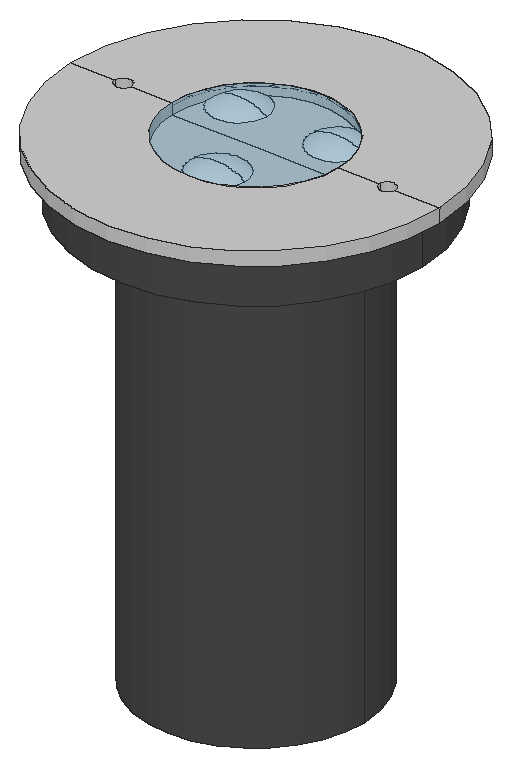
Revit family "LED PANAL 3W_LKL0366WW.15", category Luminarias, Revit 2019
Family settings
  Cota de conector redondo = Diámetro de uso
  Tipo de pieza = Normal
  Se basa en plano de trabajo = Sí
  Siempre vertical = No
  Corte con vacíos al cargar = No
  Origen de luz = Sí
  Compartido = No
  Punto de cálculo de habitación = No
Parameters (values of type "EMP_LKL0366WW.15")
  Ángulo de inclinación = 105.00°
  Ángulo de enfoque = 15.00°
  Ángulo de campo de foco = 15.00°
  Zone [instance] = ""
  Watt per fixture = 3.8
  Wattage = 3.8 W
  built-in parameter 1150107 = 3000 (stored number, unit not read)
  built-in parameter 1150110 = 1 (stored number, unit not read)
  built-in parameter 1150109 = 1 (stored number, unit not read)
  built-in parameter 1150112 = 1 (stored number, unit not read)
  built-in parameter 1150113 = 1 (stored number, unit not read)
  built-in parameter 1114218 = 1 (stored number, unit not read)
  Keynote = ""
  built-in parameter 1150137 = (empty or 0)
  built-in parameter 1150132 = (empty or 0)
  Modelo = "LKL0366WW.15"
  Lámpara = "OSRAM"
  Longitud de símbolo de origen de luz = 500 mm
  built-in parameter 1150105 = 7577.7 (stored number, unit not read)
  built-in parameter 1150102 = (empty or 0)
  built-in parameter 1150106 = 75.777 (stored number, unit not read)
  Lumens = 293.968 lm
  Color Filter = 16777215
  built-in parameter 1114217 = 1 (stored number, unit not read)
  built-in parameter 1150139 = (empty or 0)
  Fabricante = "BRILLANT"
  Default Elevation = 0 mm
  built-in parameter 1150104 = 7.187 (stored number, unit not read)
  Descripción = "LUMINARIA TIPO CIRCULAR PARA EMPOTRAR EN PISO CON CUERPO DE ALUMINIO FUNDIDO A PRESION CUBIERTO CON POLVO GRIS OSCURO, CON CUBIERTA DE ACERO INOXIDABLE Y VIDRIO TEMPLADO DE 6MM, HOUSING TIPO ABS DE 105MM DE DIAMETRO Y 150MM DE PROFUNDO. CUENTA CON 3 LED OSRAM CON UNA POTENCIA TOTAL DE 3.8W, A UNA TEMPERATURA EN BLANCO CALIDO DE 3000K CON 294 LUMENES, 54mA EN CORRIENTE DE OPERACIÓN, IP67, IK09, IRC 80, DISPONIBLE PARA ATENUAR EN TRIAC (OPCIONAL), APERTURA EN 15 GRADOS POR PROYECTO, ALIMENTADA A 100-240V"
  built-in parameter 1150115 = 1 (stored number, unit not read)
  built-in parameter 1150114 = 1 (stored number, unit not read)
  Comentarios de vataje = "100-240V"
  built-in parameter 1150138 = (empty or 0)
  built-in parameter 1150134 = (empty or 0)
  Circuit [instance] = ""
  Dimming Lamp Color Temperature Shift = (empty or 0)
  built-in parameter 1150133 = 10 (stored number, unit not read)
Reference planes
  plane 1 "Centro (Frontal/Posterior)": y = 0
  plane 2: z = 0
  plane 3 "Centro (Izquierda/Derecha)": x = 0
  plane 4: z = -150
  plane 5: x = -653.678
  plane 6: x = 600
  plane 7: x = -67.5
  plane 8: x = 67.5
  plane 9: z = -77
  plane 10 "PEND": y = 13.75
  plane 11 "Centro I/E": y = -15
  plane 12: x = -63.5
  plane 13: x = 63.5
  plane 14: z = -58
Forms (mm)
  Revolve 1, solid, material "Acero Inoxidable"
    sketch origin (0, 0, 0) x (1, 0, 0) y (0, 0, 1)
      loop
        line (-26.32, 3.372) -> (-58, 3.372) -> (-58, -0.88) -> (-31.32, -0.88) -> (-31.32, -39.089) -> (0, -39.089) -> (0, 0) -> (-26.32, 0) -> (-26.32, 3.372)
      axis (0, 3.372) -> (0, -39.089)
    angle from 0 to 360
  Revolve 2, solid
    sketch origin (14.219, 13.75, 0) x (-1, 0, 0) y (0, 0, 1)
      loop
        line (30.469, 0) -> (39.129, 0)
        arc (39.129, 0) -> (35.004, 1.961) -> (30.469, 2.5) r 14.087
        line (30.469, 2.5) -> (30.469, 0)
      axis (30.469, 2.5) -> (30.469, 0)
    angle from 0 to 360
  Extrusion 3, solid, material "Cristal"
    sketch origin (0, 0, 0) x (1, 0, 0) y (0, 1, 0)
      loop
        circle (0, 0) r 26.32
    from 2.552 to 3.372
  Extrusion 4, solid, material "Plastico"
    sketch origin (0, 0, 0) x (1, 0, 0) y (0, 1, 0)
      loop
        circle (0, 0) r 10
    from -58 to -47.282
  Extrusion 5, solid, material "Cobre"
    sketch origin (0, 0, 0) x (1, 0, 0) y (0, 1, 0)
      loop
        line (12.101, 0) -> (6.051, 10.48) -> (-6.051, 10.48) -> (-12.101, 0) -> (-6.051, -10.48) -> (6.051, -10.48) -> (12.101, 0)
    from -47.282 to -39.089
  Revolve 6, solid, material "Plastico"
    sketch origin (0, 0, 0) x (1, 0, 0) y (0, 0, 1)
      loop
        line (-52.5, -0.88) -> (-52.5, -15.267) -> (-34.387, -15.267) -> (-34.387, -150) -> (0, -150) -> (0, -147.5) -> (-31.843, -147.5) -> (-31.843, -12.767) -> (-49.719, -12.767) -> (-49.719, -0.88) -> (-52.5, -0.88)
      axis (0, -0.88) -> (0, -150)
    angle from 0 to 360
  Extrusion 7, void
    sketch origin (0, 0, 0) x (1, 0, 0) y (0, 1, 0)
      loop
        circle (-41.625, 0) r 2.557
      loop
        circle (41.625, 0) r 2.557
    from -3.838 to 7.824
  Extrusion 8, solid, material "Plastico"
    sketch origin (0, 0, 0) x (1, 0, 0) y (0, 1, 0)
      loop
        line (-8.088, -33.422) -> (-8.088, -43.067)
        arc (-8.088, -43.067) -> (-0.01, -43.849) -> (8.088, -43.305) r 49.719
        line (8.088, -43.305) -> (8.088, -33.422)
        arc (8.088, -33.422) -> (0, -34.387) -> (-8.088, -33.422) r 34.387
      loop
        line (33.422, -8.088) -> (43.067, -8.088)
        arc (43.067, -8.088) -> (43.849, -0.01) -> (43.305, 8.088) r 49.719
        line (43.305, 8.088) -> (33.422, 8.088)
        arc (33.422, 8.088) -> (34.387, 0) -> (33.422, -8.088) r 34.387
      loop
        arc (-33.422, -8.088) -> (-34.387, 0) -> (-33.422, 8.088) r 34.387
        line (-33.422, 8.088) -> (-43.305, 8.088)
        arc (-43.305, 8.088) -> (-43.849, -0.01) -> (-43.067, -8.088) r 49.719
        line (-43.067, -8.088) -> (-33.422, -8.088)
      loop
        arc (-8.088, 33.422) -> (0, 34.387) -> (8.088, 33.422) r 34.387
        line (8.088, 33.422) -> (8.088, 43.305)
        arc (8.088, 43.305) -> (-0.01, 43.849) -> (-8.088, 43.067) r 49.719
        line (-8.088, 43.067) -> (-8.088, 33.422)
    from -19.859 to -15.267
  Revolve 9, solid
    sketch origin (30.469, -15, 0) x (-1, 0, 0) y (0, 0, 1)
      loop
        line (30.469, 0) -> (39.129, 0)
        arc (39.129, 0) -> (35.004, 1.961) -> (30.469, 2.5) r 14.087
        line (30.469, 2.5) -> (30.469, 0)
      axis (30.469, 2.5) -> (30.469, 0)
    angle from 0 to 360
  Revolve 10, solid
    sketch origin (45.302, 13.75, 0) x (-1, 0, 0) y (0, 0, 1)
      loop
        line (30.469, 0) -> (39.129, 0)
        arc (39.129, 0) -> (35.004, 1.961) -> (30.469, 2.5) r 14.087
        line (30.469, 2.5) -> (30.469, 0)
      axis (30.469, 2.5) -> (30.469, 0)
    angle from 0 to 360
Cuts and joins
  Extrusion 7 cuts Revolve 1
Dimensions and locks
  plane 2 to plane 4 = 150 mm
  level to plane 4 = 150 mm
  equal spacing: plane 7, plane 3 "Centro (Izquierda/Derecha)", plane 8
  plane 7 to plane 3 "Centro (Izquierda/Derecha)" = 67.5 mm
  plane 7 to plane 8 = 135 mm
  level to plane 9 = 77 mm
  plane 8 to plane 7 = 135 mm
  equal spacing: plane 13, plane 3 "Centro (Izquierda/Derecha)", plane 12
  plane 3 "Centro (Izquierda/Derecha)" to plane 12 = 63.5 mm
  plane 13 to plane 12 = 127 mm
  plane 2 to plane 14 = 58 mm
  Revolve 1 sketch curve to Revolve 1 sketch curve = 58 mm
  Revolve 6 sketch curve to Revolve 6 sketch curve = 52.5 mm
  aligned and locked: level to plane 2
  aligned and locked: Extrusion 5 to cut or joined group of Revolve 1, Extrusion 7
  aligned and locked: Extrusion 4 to plane 14
  aligned and locked: Extrusion 4 to Extrusion 5
Automatic sketch dimensions
  Revolve 1 sketch curve to level = 0 mm
  Revolve 1 sketch curve to plane 3 "Centro (Izquierda/Derecha)" = 0 mm  (x2)
  Revolve 1 sketch curve to plane 9 = 0 mm
  Revolve 1 sketch curve to level = 0.88 mm
  Revolve 1 sketch curve to Revolve 1 sketch curve = 26.68 mm
  Revolve 1 sketch curve to Revolve 1 sketch curve = 5 mm
  plane 14 to Revolve 1 sketch curve = 18.911 mm
  level to Revolve 1 sketch curve = 3.372 mm
  level to Revolve 1 sketch curve = 40 mm
  Revolve 2 sketch curve to level = 0 mm  (x2)
  Revolve 2 sketch curve to plane 3 "Centro (Izquierda/Derecha)" = 16.25 mm
  Revolve 2 sketch curve to Revolve 2 sketch curve = 0.628 mm  (x2)
  Revolve 2 sketch curve to Revolve 2 sketch curve = 8.66 mm
  Revolve 2 sketch curve to level = 11.573 mm
  Revolve 2 sketch curve to Revolve 2 sketch curve = 5.189 mm
  plane 1 "Centro (Frontal/Posterior)" to Extrusion 3 sketch curve = 0 mm
  Extrusion 3 sketch curve to plane 3 "Centro (Izquierda/Derecha)" = 0 mm
  plane 1 "Centro (Frontal/Posterior)" to Extrusion 4 sketch curve = 0 mm
  Extrusion 4 sketch curve to plane 3 "Centro (Izquierda/Derecha)" = 0 mm
  Revolve 6 sketch curve to plane 4 = 0 mm
  Revolve 6 sketch curve to plane 3 "Centro (Izquierda/Derecha)" = 0 mm  (x2)
  Revolve 6 sketch curve to Revolve 6 sketch curve = 2.781 mm
  Revolve 6 sketch curve to Revolve 6 sketch curve = 15.333 mm
  Revolve 6 sketch curve to Revolve 6 sketch curve = 2.544 mm
  plane 4 to Revolve 6 sketch curve = 2.5 mm
  Revolve 6 sketch curve to level = 15.267 mm
  Revolve 6 sketch curve to Revolve 6 sketch curve = 2.5 mm
  Revolve 6 sketch curve to level = 0.88 mm
  Revolve 6 sketch curve to plane 4 = 33.38 mm
  level to Revolve 6 sketch curve = 26.62 mm
  plane 1 "Centro (Frontal/Posterior)" to Extrusion 7 sketch curve = 0 mm  (x2)
  plane 12 to Extrusion 7 sketch curve = 21.875 mm
  Extrusion 7 sketch curve to plane 13 = 21.875 mm
  Extrusion 8 sketch curve to Extrusion 8 sketch curve = 0 mm  (x12)
  plane 1 "Centro (Frontal/Posterior)" to Extrusion 8 sketch curve = 0 mm
  Extrusion 8 sketch curve to plane 3 "Centro (Izquierda/Derecha)" = 0 mm
  Extrusion 8 sketch curve to plane 1 "Centro (Frontal/Posterior)" = 0.722 mm  (x2)
  Extrusion 8 sketch curve to plane 3 "Centro (Izquierda/Derecha)" = 5.865 mm
  Extrusion 8 sketch curve to plane 3 "Centro (Izquierda/Derecha)" = 8.088 mm  (x2)
  Extrusion 8 sketch curve to plane 10 "PEND" = 5.662 mm  (x2)
  Extrusion 8 sketch curve to Extrusion 8 sketch curve = 27.556 mm  (x2)
  plane 11 "Centro I/E" to Extrusion 8 sketch curve = 6.912 mm  (x2)
  Extrusion 8 sketch curve to Extrusion 8 sketch curve = 9.645 mm  (x4)
  Extrusion 8 sketch curve to Extrusion 8 sketch curve = 9.883 mm  (x2)
  plane 3 "Centro (Izquierda/Derecha)" to Extrusion 8 sketch curve = 0.722 mm  (x2)
  plane 3 "Centro (Izquierda/Derecha)" to Extrusion 8 sketch curve = 8.088 mm  (x2)
  Extrusion 8 sketch curve to plane 11 "Centro I/E" = 18.422 mm
  plane 1 "Centro (Frontal/Posterior)" to Extrusion 8 sketch curve = 5.865 mm
  plane 10 "PEND" to Extrusion 8 sketch curve = 19.672 mm
  Revolve 9 sketch curve to level = 0 mm  (x2)
  Revolve 9 sketch curve to plane 3 "Centro (Izquierda/Derecha)" = 0 mm  (x2)
  Revolve 9 sketch curve to plane 3 "Centro (Izquierda/Derecha)" = 0.628 mm
  Revolve 9 sketch curve to Revolve 9 sketch curve = 8.66 mm
  Revolve 9 sketch curve to level = 11.573 mm
  Revolve 9 sketch curve to Revolve 9 sketch curve = 5.189 mm
  Revolve 10 sketch curve to level = 0 mm  (x2)
  plane 3 "Centro (Izquierda/Derecha)" to Revolve 10 sketch curve = 14.833 mm
  Revolve 10 sketch curve to Revolve 10 sketch curve = 0.628 mm  (x2)
  plane 3 "Centro (Izquierda/Derecha)" to Revolve 10 sketch curve = 6.173 mm
  Revolve 10 sketch curve to level = 11.573 mm
  Revolve 10 sketch curve to Revolve 10 sketch curve = 5.189 mm
  radius of Extrusion 3 sketch curve = 26.32 mm
  radius of Extrusion 4 sketch curve = 10 mm
  radius of Extrusion 7 sketch curve = 2.557 mm  (x2)
Connectors
  electrical at (0, 0, -150)
    settings: on Revolve 6, index 1, voltage 240 V, apparent load 0 VA, apparent load phase1 0 VA, apparent load phase2 0 VA, apparent load phase3 0 VA, power factor 1, load classification "Otro", number of poles 1, system type 31, power factor state 1, is connector primary yes, connector utility no, sub classification motor no, connector description ""
